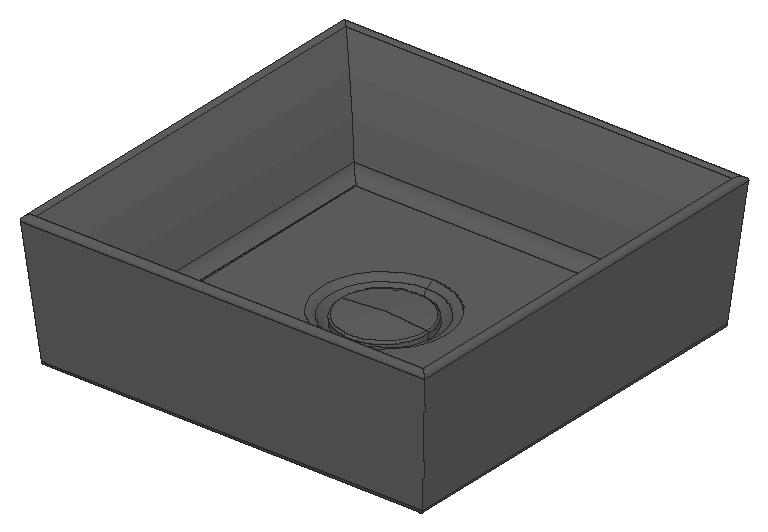
Revit family "Basin-Vessel-DXV-Pop_Square-D20085015_Series", category Plumbing Fixtures, Revit 2014
Parameters (values of type "D20085015.059")
  Width = 15"
  Waste Connection Radius = 5/8"
  Waste Connection Height = 18"
  Waste Connection Diameter = Waste Connection Radius * 2  # 1 1/4"
  Waste Connection = yes
  Warranty Documentation Link = "https://www.dxv.com/-/media/files/dxv/warranty/dxv_warranty_booklet.ashx"
  WFU = 2
  Vent Connection = no
  URL = "https://www.dxv.com/"
  Product Page URL = "https://www.dxv.com/product/pop-square-bathroom-vessel-sink-by-dxv"
  Product Documentation Link = "https://dxv01.blob.core.windows.net/dxv-product-pdf-files/spec_D20085015_DXV_Pop_sq_ac_lav_EN.pdf"
  Price = "Prices may vary. Please consult Manufacturer Rep for most up-to-date price list."
  Outlet Location = 4"
  Model = "D20085015.059"
  Material = "Fine Fire Clay-DXV-059-Matte Black"
  Manufacturer = "DXV"
  Length = 15"
  Installation Type = "Above Counter"
  Hot Water Connection Width = 3"
  Hot Water Connection Radius = 1/4"
  Hot Water Connection Height = 20"
  Hot Water Connection Diameter = Hot Water Connection Radius * 2  # 1/2"
  Height = 5"
  HWFU = 1.5
  HW Connection = yes
  Finish = Fine Fire Clay-DXV-059-Matte Black
  Description = "Pop Square Vessel Lavatory"
  Default Elevation = 28"
  Creation Date = "1/11/2013"  # constant formula
  Cold Water Connection Width = 3"
  Cold Water Connection Radius = 1/4"
  Cold Water Connection Height = Hot Water Connection Height  # 20"
  Cold Water Connection Diameter = Cold Water Connection Radius * 2  # 1/2"
  CWFU = 1.5
  CW Connection = yes
  Basin Shape = "Square"
  Assembly Code = "D2010310"
Types (6): name | Model | Material | Finish
  (no name) | "D20085015.059" | "Fine Fire Clay-DXV-059-Matte Black" | Fine Fire Clay-DXV-059-Matte Black
  D20085015.415 | "D20085015.415" | "Fine Fire Clay-DXV-415-Canvas White" | Fine Fire Clay-DXV-415-Canvas White
  D20085015.059 | "D20085015.059" | "Fine Fire Clay-DXV-059-Matte Black" | Fine Fire Clay-DXV-059-Matte Black
  D20085015.178 | "D20085015.178" | "Fine Fire Clay-DXV-178-Black" | Fine Fire Clay-DXV-178-Black
  D20085015.405 | "D20085015.405" | "Fine Fire Clay-DXV-405-Pearlescent White" | Fine Fire Clay-DXV-405-Pearlescent White
  D20085015.425 | "D20085015.425" | "Fine Fire Clay-DXV-425-Chenille Gray" | Fine Fire Clay-DXV-425-Chenille Gray
Reference planes (in)
  plane 1 "Center (Front/Back)": y = 0
  plane 2: z = 0
  plane 3 "Center (Left/Right)": x = 0
  plane 4: z = -28
  plane 5: z = -8
  plane 6: z = -10
  plane 7: x = 3
  plane 8: x = -3
  plane 9: y = -4
  plane 10: y = -11.5
  plane 11: y = -19
  plane 12: x = -7.5
  plane 13: x = 7.5
  plane 14: z = 5
  plane 15: z = 1.1875
Forms (in)
  Extrusion 1, solid, not visible
    sketch origin (0, 0, 0) x (1, 0, 0) y (0, 0, 1)
      loop
        circle (-3, -8) r 0.25
      loop
        circle (3, -8) r 0.25
      loop
        circle (0, -10) r 0.625
    from 0 to 0.03125
  Revolve 2, solid, material "Fine Fire Clay-DXV-059-Matte Black" <- "Finish"
    sketch origin (0, -11.5, 0) x (1, 0, 0) y (0, 0, 1)
      loop
        line (0, 0.7885246) -> (1.625, 0.7885246) -> (1.625, 0.9733308)
        arc (1.625, 0.9733308) -> (1.6066933, 1.0232006) -> (1.5604691, 1.0493819) r 0.0770794
        arc (1.5604691, 1.0493819) -> (0.7828363, 1.14762) -> (0, 1.1867454) r 10.3530318
        line (0, 1.1867454) -> (0, 0.7885246)
      axis (0, 1.1867454) -> (0, 0.7885246)
    angle from 0 to 360
  Sweep 3, solid, material "Fine Fire Clay-DXV-059-Matte Black" <- "Finish"
    path origin (0, 0, 0) x (1, 0, 0) y (0, 1, 0)
      loop
        line (-7.5, -4) -> (-7.5, -19) -> (7.5, -19) -> (7.5, -4) -> (-7.5, -4)
    profile origin (0, -4, 0) x (0, 1, 0) y (0, 0, 1)
      loop
        arc (-0.4340449, 0.1126163) -> (-0.2714087, 2.4622167) -> (-0.0016504, 4.8019395) r 51.56393
        arc (-0.0016504, 4.8019395) -> (-0.1088113, 4.9875762) -> (-0.3151005, 4.9293596) r 0.1745399
        arc (-0.3151005, 4.9293596) -> (-1.2323573, 3.3419824) -> (-1.7789532, 1.5920227) r 8.3042034
        arc (-1.7789532, 1.5920227) -> (-1.9517421, 1.3016641) -> (-2.2697526, 1.1875) r 0.5
        line (-2.2697526, 1.1875) -> (-5.0706525, 1.1875) -> (-5.0706525, 0.7885246) -> (-2.2795885, 1.1034796)
        arc (-2.2795885, 1.1034796) -> (-2.0782783, 1.0582182) -> (-1.9481206, 0.8981139) r 0.315136
        line (-1.9481206, 0.8981139) -> (-1.6511695, 0.0822475)
        arc (-1.6511695, 0.0822475) -> (-1.605405, 0.022606) -> (-1.533708, 0) r 0.125
        line (-1.533708, 0) -> (-0.5519962, 0)
        arc (-0.5519962, 0) -> (-0.4704564, 0.0326751) -> (-0.4340449, 0.1126163) r 0.1180777
  Revolve 4, solid, material "Fine Fire Clay-DXV-059-Matte Black" <- "Finish"
    sketch origin (0, 0, 0) x (0, 1, 0) y (0, 0, 1)
      loop
        arc (-13.7525708, 0.6117479) -> (-13.6205046, 0.2783455) -> (-13.2959531, 0.1258169) r 0.486872
        arc (-13.2959531, 0.1258169) -> (-13.1385111, 0.0567965) -> (-13.0628576, -0.0975679) r 0.25
        line (-13.0628576, -0.0975679) -> (-12.9195593, -1.4609605)
        arc (-12.9195593, -1.4609605) -> (-12.8818832, -1.534904) -> (-12.8044065, -1.5646445) r 0.1157871
        line (-12.8044065, -1.5646445) -> (-12.4944207, -1.5646445) -> (-12.374477, -0.3072463)
        arc (-12.374477, -0.3072463) -> (-12.4391554, 0.0274102) -> (-12.6747011, 0.2737769) r 0.6040578
        arc (-12.6747011, 0.2737769) -> (-13.1257234, 0.6044169) -> (-13.4930799, 1.0260722) r 2.52973
        arc (-13.4930799, 1.0260722) -> (-13.6273438, 1.1447007) -> (-13.8013199, 1.1875) r 0.375
        line (-13.8013199, 1.1875) -> (-14.25, 1.1875) -> (-14.25, 0.8247083) -> (-13.9293475, 0.7885246)
        arc (-13.9293475, 0.7885246) -> (-13.8043475, 0.7367479) -> (-13.7525708, 0.6117479) r 0.1767767
      axis (-11.5, 1.1875) -> (-11.5, -1.5646445)
    angle from 0 to 360
  Extrusion 5, solid, material "Fine Fire Clay-DXV-059-Matte Black" <- "Finish"
    sketch origin (0, 0, 0) x (1, 0, 0) y (0, 1, 0)
      loop
        line (-2.4293475, -9.0706525) -> (-2.4293475, -10.211291)
        arc (-2.4293475, -10.211291) -> (-1.9445436, -9.5554564) -> (-1.288709, -9.0706525) r 2.75
        line (-1.288709, -9.0706525) -> (-2.4293475, -9.0706525)
      loop
        line (2.4293475, -9.0706525) -> (1.288709, -9.0706525)
        arc (1.288709, -9.0706525) -> (1.9445436, -9.5554564) -> (2.4293475, -10.211291) r 2.75
        line (2.4293475, -10.211291) -> (2.4293475, -9.0706525)
      loop
        line (-2.4293475, -13.9293475) -> (-1.288709, -13.9293475)
        arc (-1.288709, -13.9293475) -> (-1.9445436, -13.4445436) -> (-2.4293475, -12.788709) r 2.75
        line (-2.4293475, -12.788709) -> (-2.4293475, -13.9293475)
      loop
        line (2.4293475, -13.9293475) -> (2.4293475, -12.788709)
        arc (2.4293475, -12.788709) -> (1.9445436, -13.4445436) -> (1.288709, -13.9293475) r 2.75
        line (1.288709, -13.9293475) -> (2.4293475, -13.9293475)
    from 0.7885246 to 1.1875
Cuts and joins
  joined: Revolve 2, Sweep 3, Revolve 4, Extrusion 5
Lines and regions (in)
  Masking region 1
    outline origin (0, 0, 0) x (1, 0, 0) y (0, 1, 0)
      loop
        arc (-7.3108496, -4.0016504) -> (-7.4434321, -4.0565679) -> (-7.4983496, -4.1891504) r 0.1875
        line (-7.4983496, -4.1891504) -> (-7.4983496, -18.8108496)
        arc (-7.4983496, -18.8108496) -> (-7.4434321, -18.9434321) -> (-7.3108496, -18.9983496) r 0.1875
        line (-7.3108496, -18.9983496) -> (7.3108496, -18.9983496)
        arc (7.3108496, -18.9983496) -> (7.4434321, -18.9434321) -> (7.4983496, -18.8108496) r 0.1875
        line (7.4983496, -18.8108496) -> (7.4983496, -4.1891504)
        arc (7.4983496, -4.1891504) -> (7.4434321, -4.0565679) -> (7.3108496, -4.0016504) r 0.1875
        line (7.3108496, -4.0016504) -> (-7.3108496, -4.0016504)
  symbolic lines, style "PlumbingFixtures", detail levels medium+fine
    curve 1: circle (0, -11.5, 0) r 0.875 normal (0, 0, 1)
  symbolic lines, detail levels fine
    curve 2: circle (0, -11.5, 0) r 1.25 normal (0, 0, 1)
    curve 11: line (-5, -16, 0) -> (-5, -7, 0)
    curve 12: line (5, -16, 0) -> (5, -7, 0)
    curve 13: line (4.5, -6.5, 0) -> (-4.5, -6.5, 0)
    curve 14: line (4.5, -16.5, 0) -> (-4.5, -16.5, 0)
    curve 15: arc (-5, -16, 0) -> (-4.8535534, -16.3535534, 0) -> (-4.5, -16.5, 0) r 0.5
    curve 16: arc (4.5, -16.5, 0) -> (4.8535534, -16.3535534, 0) -> (5, -16, 0) r 0.5
    curve 17: arc (5, -7, 0) -> (4.8535534, -6.6464466, 0) -> (4.5, -6.5, 0) r 0.5
    curve 18: arc (-4.5, -6.5, 0) -> (-4.8535534, -6.6464466, 0) -> (-5, -7, 0) r 0.5
  symbolic lines, detail levels medium+fine
    curve 3: line (-6.96875, -18.28125, 0) -> (-6.96875, -4.71875, 0)
    curve 4: line (6.96875, -4.71875, 0) -> (6.96875, -18.28125, 0)
    curve 5: line (-6.78125, -4.53125, 0) -> (6.78125, -4.53125, 0)
    curve 6: line (6.78125, -18.46875, 0) -> (-6.78125, -18.46875, 0)
    curve 7: arc (-6.78125, -18.46875, 0) -> (-6.9138325, -18.4138325, 0) -> (-6.96875, -18.28125, 0) r 0.1875
    curve 8: arc (6.96875, -18.28125, 0) -> (6.9138325, -18.4138325, 0) -> (6.78125, -18.46875, 0) r 0.1875
    curve 9: arc (6.78125, -4.53125, 0) -> (6.9138325, -4.5861675, 0) -> (6.96875, -4.71875, 0) r 0.1875
    curve 10: arc (-6.96875, -4.71875, 0) -> (-6.9138325, -4.5861675, 0) -> (-6.78125, -4.53125, 0) r 0.1875
Dimensions and locks (in)
  "Default Elevation": level to plane 4
  "Hot Water Connection Height": plane 5 to plane 4
  "Waste Connection Height": plane 6 to plane 4
  "Hot Water Connection Width": plane 8 to plane 3 "Center (Left/Right)"
  "Cold Water Connection Width": plane 7 to plane 3 "Center (Left/Right)"
  "Length": plane 9 to plane 11
  "Width": plane 12 to plane 13
  "Height": plane 14 to level
  plane 14 to plane 15 = 3 13/16"
  plane 12 to plane 13 = 15"
  "Outlet Location": plane 1 "Center (Front/Back)" to plane 9
Automatic sketch dimensions
  Extrusion 1 sketch curve to plane 5 = 0"  (x2)
  plane 8 to Extrusion 1 sketch curve = 0"
  Extrusion 1 sketch curve to plane 3 "Center (Left/Right)" = 0"
  Extrusion 1 sketch curve to plane 7 = 0"
  Extrusion 1 sketch curve to plane 6 = 0"
  Revolve 2 sketch curve to plane 3 "Center (Left/Right)" = 0"  (x2)
  Revolve 2 sketch curve to plane 3 "Center (Left/Right)" = 1/8"
  Revolve 2 sketch curve to plane 15 = 0.21417"
  Revolve 2 sketch curve to plane 7 = 1.45208"
  Revolve 2 sketch curve to Revolve 2 sketch curve = 0.07708"
  Revolve 2 sketch curve to Revolve 2 sketch curve = 0.18481"
  plane 6 to Revolve 2 sketch curve = 0.83447"
  Revolve 2 sketch curve to plane 15 = 0.00075"
  plane 15 to Revolve 2 sketch curve = 0.1074"
  Revolve 2 sketch curve to Revolve 2 sketch curve = 0.09456"
  plane 11 to Sweep 3 sketch curve = 0"
  Sweep 3 sketch curve to plane 12 = 0"
  Sweep 3 sketch curve to plane 13 = 0"
  Sweep 3 sketch curve to plane 9 = 0"
  Sweep 3 sketch curve to level = 0"
  level to Sweep 3 sketch curve = 1.10348"
  profile plane to Sweep 3 sketch curve = 2.27959"
  Sweep 3 sketch curve to Sweep 3 sketch curve = 0.00984"
  Sweep 3 sketch curve to Sweep 3 sketch curve = 0.03534"
  level to Sweep 3 sketch curve = 0.89811"
  Sweep 3 sketch curve to Sweep 3 sketch curve = 0.29613"
  level to Sweep 3 sketch curve = 0.08225"
  Sweep 3 sketch curve to Sweep 3 sketch curve = 0.29695"
  Sweep 3 sketch curve to Sweep 3 sketch curve = 0.11746"
  profile plane to Sweep 3 sketch curve = 0.552"
  profile plane to Sweep 3 sketch curve = 0.17454"
  level to Sweep 3 sketch curve = 0.0063"
  Sweep 3 sketch curve to profile plane = 6.37244"
  Sweep 3 sketch curve to level = 2.27232"
  Sweep 3 sketch curve to Sweep 3 sketch curve = 44.70226"
  Sweep 3 sketch curve to Sweep 3 sketch curve = 0.11808"
  Sweep 3 sketch curve to Sweep 3 sketch curve = 0.08402"
  Sweep 3 sketch curve to Sweep 3 sketch curve = 1/2"
  Sweep 3 sketch curve to Sweep 3 sketch curve = 3.23386"
  Sweep 3 sketch curve to Sweep 3 sketch curve = 0"  (x3)
  level to Sweep 3 sketch curve = 0.78852"
  Sweep 3 sketch curve to Sweep 3 sketch curve = 2.79106"
  Revolve 4 sketch curve to plane 15 = 0"
  Revolve 4 sketch curve to plane 10 = 0"
  Revolve 4 sketch curve to level = 0.30725"
  Revolve 4 sketch curve to plane 10 = 0.87448"
  Revolve 4 sketch curve to plane 10 = 0.99442"
  Revolve 4 sketch curve to Revolve 4 sketch curve = 0.30999"
  Revolve 4 sketch curve to Revolve 4 sketch curve = 0.11515"
  Revolve 4 sketch curve to level = 0.24989"
  Revolve 4 sketch curve to Revolve 4 sketch curve = 0.60133"
  Revolve 4 sketch curve to level = 0.09757"
  Revolve 4 sketch curve to Revolve 4 sketch curve = 0.08705"
  Revolve 4 sketch curve to Revolve 4 sketch curve = 0.20284"
  Revolve 4 sketch curve to level = 0.1237"
  Revolve 4 sketch curve to Revolve 4 sketch curve = 0.24863"
  Revolve 4 sketch curve to Revolve 4 sketch curve = 0.53562"
  Revolve 4 sketch curve to Revolve 4 sketch curve = 0.12803"
  plane 10 to Revolve 4 sketch curve = 0.08629"
  Revolve 4 sketch curve to Revolve 4 sketch curve = 1.2574"
  Revolve 4 sketch curve to Revolve 4 sketch curve = 0.10368"
  Revolve 4 sketch curve to Revolve 4 sketch curve = 0.17678"
  Revolve 4 sketch curve to Revolve 4 sketch curve = 0.02398"
  plane 15 to Revolve 4 sketch curve = 1.27932"
  Revolve 4 sketch curve to Revolve 4 sketch curve = 0"  (x2)
  Revolve 4 sketch curve to Revolve 4 sketch curve = 0.32065"
  Revolve 4 sketch curve to plane 15 = 0.36279"
  Revolve 4 sketch curve to Revolve 4 sketch curve = 0.03618"
  Revolve 4 sketch curve to Revolve 4 sketch curve = 0.29159"
  Revolve 4 sketch curve to Revolve 4 sketch curve = 0.04159"
  Extrusion 5 sketch curve to Extrusion 5 sketch curve = 0"  (x12)
  Extrusion 5 sketch curve to plane 3 "Center (Left/Right)" = 0"
  Extrusion 5 sketch curve to plane 10 = 0"
  Extrusion 5 sketch curve to plane 3 "Center (Left/Right)" = 1.28871"  (x2)
  Extrusion 5 sketch curve to plane 8 = 0.57065"  (x2)
  plane 3 "Center (Left/Right)" to Extrusion 5 sketch curve = 1.28871"  (x2)
  Extrusion 5 sketch curve to plane 7 = 0.57065"  (x2)
  Extrusion 5 sketch curve to plane 10 = 1.28871"  (x2)
  plane 10 to Extrusion 5 sketch curve = 1.28871"  (x2)
  Masking region 1 sketch curve to plane 12 = 0.00165"
  Masking region 1 sketch curve to Masking region 1 sketch curve = 3/16"  (x2)
  Masking region 1 sketch curve to plane 13 = 0.18915"  (x2)
  Masking region 1 sketch curve to plane 13 = 0.00165"
  Masking region 1 sketch curve to plane 11 = 0.00165"
  Masking region 1 sketch curve to plane 9 = 0.18915"
  curve 1 to curve 2 = 0"  (x2)
  curve 2 to plane 3 "Center (Left/Right)" = 0"
  curve 2 to plane 10 = 0"
  plane 8 to curve 13 = 1 1/2"
  plane 8 to curve 14 = 1 1/2"
  curve 11 to curve 15 = 1/2"
  curve 6 to plane 12 = 23/32"
  curve 10 to plane 12 = 23/32"
  curve 3 to curve 10 = 3/16"
  plane 7 to curve 17 = 1 1/2"
  plane 7 to curve 14 = 1 1/2"
  curve 17 to curve 12 = 1/2"
  curve 5 to plane 13 = 23/32"
  curve 6 to plane 13 = 23/32"
  curve 8 to curve 4 = 3/16"
  curve 16 to plane 11 = 3"
  curve 8 to plane 11 = 23/32"
  plane 10 to curve 11 = 4 1/2"
  curve 9 to plane 9 = 23/32"
  radius of Extrusion 1 sketch curve = 1/4"  (x2)
  radius of Extrusion 1 sketch curve = 5/8"
  radius of curve 1 = 7/8"
  radius of curve 2 = 1 1/4"
Connectors (in)
  piping at (0, 0, -10), diameter 1.25, driven by "Waste Connection Radius", driven by "WFU"
    settings: on Extrusion 1, index 1, connector inside diameter 1 1/4", connector length 0", flow factor 0, pipe flow 0 GPM, pressure drop 0.00 psi, fitting loss kfactor 0, connector angle 0.00°, fixture units 2, engagement length 0", angle of deflection 0.00°, flow configuration 3, flow direction 2, fitting loss method 0, system type 16, joint type 0, gender type 0, connector reference index -1, connector utility 0, adjustable connector yes, is connector primary yes, connector description "1-1/4\" O.D. Outlet"
  piping at (3, 0, -8), diameter 0.5, driven by "Cold Water Connection Radius", driven by "CWFU"
    settings: on Extrusion 1, index 2, connector inside diameter 1/2", connector length 0", flow factor 0, pipe flow 0 GPM, pressure drop 0.00 psi, fitting loss kfactor 0, connector angle 0.00°, fixture units 1.5, engagement length 0", angle of deflection 0.00°, flow configuration 3, flow direction 1, fitting loss method 0, system type 20, joint type 0, gender type 0, connector reference index -1, connector utility 0, adjustable connector no, is connector primary no, connector description "1/2\" CW Supply Inlet"
  piping at (-3, 0, -8), diameter 0.5, driven by "Hot Water Connection Radius", driven by "HWFU"
    settings: on Extrusion 1, index 3, connector inside diameter 1/2", connector length 0", flow factor 0, pipe flow 0 GPM, pressure drop 0.00 psi, fitting loss kfactor 0, connector angle 0.00°, fixture units 1.5, engagement length 0", angle of deflection 0.00°, flow configuration 3, flow direction 1, fitting loss method 0, system type 19, joint type 0, gender type 0, connector reference index -1, connector utility 0, adjustable connector no, is connector primary no, connector description "1/2\" HW Supply Inlet"
